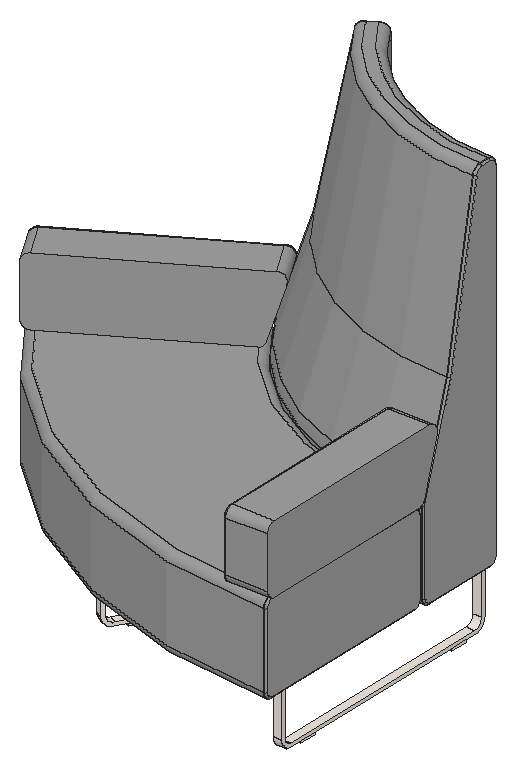
Revit family "Haworth_Riverbend_ConvexCurve60_EU_PRELIMINARY", category Furniture, Revit 2018 (continued)
Definition of nested family "Haworth_Riverbend_ConvexBench60_Small_Seat-PART"
  Forms (cm)
    Blend 1, solid, material <- "Seat Upholstery Finish"
      base sketch origin (80.9007, 149.1563, 0) x (0, 1, 0) y (0, 0, 1)
        loop
          line (-63.943, 20.955) -> (-63.943, 43.18)
          arc (-63.943, 43.18) -> (-64.501, 44.527) -> (-65.848, 45.085) r 1.905
          line (-65.848, 45.085) -> (-113.4936, 45.085)
      top sketch origin (80.9007, 149.1563, 0) x (0, 1, 0) y (0, 0, 1)
        loop
          arc (-113.3586, 45.72) -> (-115.1546, 44.9761) -> (-115.8986, 43.18) r 2.54
          line (-115.8986, 43.18) -> (-115.8986, 20.955)
          arc (-115.8986, 20.955) -> (-115.1546, 19.1589) -> (-113.3586, 18.415) r 2.54
          line (-113.3586, 18.415) -> (-65.848, 18.415)
          arc (-65.848, 18.415) -> (-64.052, 19.1589) -> (-63.308, 20.955) r 2.54
          line (-63.308, 20.955) -> (-63.308, 43.18)
          arc (-63.308, 43.18) -> (-64.052, 44.9761) -> (-65.848, 45.72) r 2.54
          line (-65.848, 45.72) -> (-113.3586, 45.72)
      from 0 to -0.635
    Revolve 2, solid, material <- "Seat Upholstery Finish"
      sketch origin (80.2657, 0, 0) x (0, -1, 0) y (0, 0, 1)
        loop
          arc (-83.3083, 45.72) -> (-85.1043, 44.9761) -> (-85.8483, 43.18) r 2.54
          line (-85.8483, 43.18) -> (-85.8483, 20.955)
          arc (-85.8483, 20.955) -> (-85.1043, 19.1589) -> (-83.3083, 18.415) r 2.54
          line (-83.3083, 18.415) -> (-35.7977, 18.415)
          arc (-35.7977, 18.415) -> (-34.0017, 19.1589) -> (-33.2577, 20.955) r 2.54
          line (-33.2577, 20.955) -> (-33.2577, 43.18)
          arc (-33.2577, 43.18) -> (-34.0017, 44.9761) -> (-35.7977, 45.72) r 2.54
          line (-35.7977, 45.72) -> (-83.3083, 45.72)
        axis (-178.6878, 45.72) -> (-178.6878, 18.415)
      angle from 0 to -60
    Blend 3, solid, material <- "Seat Upholstery Finish"
      base sketch origin (54.3731, 164.472, 0) x (0.866025, 0.5, 0) y (0, 0, -1)
        loop
          line (-113.4936, -45.085) -> (-65.848, -45.085)
          arc (-65.848, -45.085) -> (-64.501, -44.527) -> (-63.943, -43.18) r 1.905
          line (-63.943, -43.18) -> (-63.943, -20.955)
          arc (-63.943, -20.955) -> (-64.501, -19.608) -> (-65.848, -19.05) r 1.905
          line (-65.848, -19.05) -> (-113.4936, -19.05)
          arc (-113.4936, -19.05) -> (-114.8406, -19.608) -> (-115.3986, -20.955) r 1.905
          line (-115.3986, -20.955) -> (-115.3986, -43.18)
          arc (-115.3986, -43.18) -> (-114.8406, -44.527) -> (-113.4936, -45.085) r 1.905
      top sketch origin (54.3731, 164.472, 0) x (0.866025, 0.5, 0) y (0, 0, -1)
        loop
          line (-113.3586, -45.72) -> (-65.848, -45.72)
          arc (-65.848, -45.72) -> (-64.052, -44.9761) -> (-63.308, -43.18) r 2.54
          line (-63.308, -43.18) -> (-63.308, -20.955)
          arc (-63.308, -20.955) -> (-64.052, -19.1589) -> (-65.848, -18.415) r 2.54
          line (-65.848, -18.415) -> (-113.3586, -18.415)
          arc (-113.3586, -18.415) -> (-115.1546, -19.1589) -> (-115.8986, -20.955) r 2.54
          line (-115.8986, -20.955) -> (-115.8986, -43.18)
          arc (-115.8986, -43.18) -> (-115.1546, -44.9761) -> (-113.3586, -45.72) r 2.54
      from 0 to -0.635
  Lines and regions (cm)
    Masking region 1
      outline origin (0, 0, 45.72) x (1, 0, 0) y (0, 1, 0)
        loop
          line (80.9007, 33.2481) -> (80.9007, 85.2133)
          arc (80.9007, 85.2133) -> (33.946, 98.4598) -> (-1.0031, 132.5005) r 99.1296
          line (-1.0031, 132.5005) -> (-46.0063, 106.5179)
          arc (-46.0063, 106.5179) -> (7.946, 53.4265) -> (80.9007, 33.2481) r 150.7586
  Dimensions and locks (cm)
    locked: plane 2 "Top" to plane 3 "Top - Bottom of Chamfer Edge" at 0.635
    locked: plane 5 "Bottom - Top of Chamfer Edge" to plane 4 "Frame Bottom" at 0.635
    plane 2 "Top" to plane 4 "Frame Bottom" = 27.305 cm
    "Actual Height": plane 2 "Top" to plane 1 "Bottom"
    plane 2 "Top" to plane 1 "Bottom" = 45.72 cm
    "Actual Width": plane 25 to plane 26
    "Actual Depth": plane 12 to plane 27
    equal spacing: plane 12, plane 9, plane 27
    "Actual Depth": plane 16 to plane 13
  Automatic sketch dimensions
    Blend 1 sketch curve to plane 15 = 0 cm  (x4)
    Blend 1 sketch curve to plane 3 "Top - Bottom of Chamfer Edge" = 0 cm
    Blend 1 sketch curve to plane 5 "Bottom - Top of Chamfer Edge" = 0 cm
    plane 5 "Bottom - Top of Chamfer Edge" to Blend 1 sketch curve = 1.905 cm  (x3)
    plane 13 to Blend 1 sketch curve = 5.4095 cm
    plane 28 to Blend 1 sketch curve = 27.2234 cm  (x2)
    Blend 1 sketch curve to plane 4 "Frame Bottom" = 0 cm
    Blend 1 sketch curve to plane 2 "Top" = 0 cm
    plane 13 to Blend 1 sketch curve = 4.9095 cm
    Blend 1 sketch curve to Blend 1 sketch curve = 2.54 cm
    plane 11 to Masking region 1 sketch curve = 0 cm  (x2)
    Masking region 1 sketch curve to plane 10 "Right" = 0 cm
    plane 22 to Masking region 1 sketch curve = 0 cm  (x2)
    plane 16 to Masking region 1 sketch curve = 11.1522 cm
    Masking region 1 sketch curve to plane 17 = 5.0154 cm
    Masking region 1 sketch curve to plane 10 "Right" = 2.4246 cm
    Masking region 1 sketch curve to Masking region 1 sketch curve = 0.1855 cm
    Revolve 2 sketch curve to plane 19 "revolve_axis" = 0 cm
    plane 15 to Revolve 2 sketch curve = 0 cm  (x2)
    Revolve 2 sketch curve to plane 2 "Top" = 0 cm
    Revolve 2 sketch curve to plane 4 "Frame Bottom" = 0 cm
    plane 5 "Bottom - Top of Chamfer Edge" to Revolve 2 sketch curve = 1.905 cm
    Revolve 2 sketch curve to plane 17 = 25.685 cm
    plane 13 to Revolve 2 sketch curve = 7.4495 cm
    Revolve 2 sketch curve to Revolve 2 sketch curve = 2.54 cm
    plane 2 "Top" to Revolve 2 sketch curve = 12.7 cm
    Revolve 2 sketch curve to Revolve 2 sketch curve = 45.72 cm
    plane 15 to Blend 3 sketch curve = 0 cm  (x4)
    plane 3 "Top - Bottom of Chamfer Edge" to Blend 3 sketch curve = 0 cm
    plane 5 "Bottom - Top of Chamfer Edge" to Blend 3 sketch curve = 0 cm
    plane 5 "Bottom - Top of Chamfer Edge" to Blend 3 sketch curve = 1.905 cm  (x3)
    Blend 3 sketch curve to plane 32 = 5.4095 cm
    plane 20 to Blend 3 sketch curve = 28.86 cm  (x2)
    plane 4 "Frame Bottom" to Blend 3 sketch curve = 0 cm
    plane 2 "Top" to Blend 3 sketch curve = 0 cm
    Blend 3 sketch curve to plane 32 = 4.9095 cm
    Blend 3 sketch curve to Blend 3 sketch curve = 2.54 cm
Definition of nested family "Haworth_Riverbend_Arm-PART"
  Parameters (values of type "Arm - PART")
    Warranty = "http://www.haworth.com/resources/product-info/warranties"
    URL - Product = "http://www.haworth.com/products/seating/sofas/riverbend-pebble"
    Model = "Haworth - Riverbend"  # constant formula
    Description = "Haworth - Riverbend - Arm - PART"  # constant formula
    URL = "http://www.haworth.com"
    Size = "Verify Final Dim. w/ Haworth"  # constant formula
    Revision Number = "1"  # constant formula
    Manufacturer = "Haworth"  # constant formula
    Author = "Haworth (Abd Rahman)"  # constant formula
    Assembly Code = "E2020200"
    Arm Finish [instance] = none
    Actual Width = 13 cm
    Actual Height = 45.72 cm
    Actual Depth = 62.5 cm
    85D [instance] = yes
    79D [instance] = yes
  Reference planes (cm)
    plane 1 "Bottom": z = 0
    plane 2 "Center L/R": x = -49.53
    plane 3 "Left": x = -56.03
    plane 4 "Right": x = -43.03
    plane 5 "Top": z = 45.72
    plane 6 "Top - Bottom of Chamfer Edge": z = 45.085
    plane 7 "Frame Bottom": z = 18.415
    plane 8 "Bottom - Top of Chamfer Edge": z = 19.05
    plane 9 "Leg Bracket - Bottom": z = 17.78
    plane 10: y = 35.8515
    plane 11: y = -26.6485
    plane 12: y = 4.6015
  Forms (cm)
    Extrusion 1, solid, material <- "Arm Finish", visible <- "85D"
      sketch origin (-56.03, 0, 0) x (0, 1, 0) y (0, 0, -1)
        loop
          line (-24.1485, -65.9871) -> (33.3515, -65.9871)
          arc (33.3515, -65.9871) -> (35.3659, -64.9678) -> (35.7376, -62.7411) r 2.5
          line (35.7376, -62.7411) -> (30.855, -47.1232)
          arc (30.855, -47.1232) -> (30.1306, -46.1085) -> (28.9461, -45.72) r 2
          line (28.9461, -45.72) -> (-24.1485, -45.72)
          arc (-24.1485, -45.72) -> (-25.9162, -46.4522) -> (-26.6485, -48.22) r 2.5
          line (-26.6485, -48.22) -> (-26.6485, -63.4871)
          arc (-26.6485, -63.4871) -> (-25.9162, -65.2549) -> (-24.1485, -65.9871) r 2.5
      from -0.1761 to 0
    Extrusion 2, solid, material <- "Arm Finish", visible <- "85D"
      sketch origin (-43.03, 0, 0) x (0, 1, 0) y (0, 0, 1)
        loop
          arc (-24.1485, 65.9871) -> (-25.9162, 65.2549) -> (-26.6485, 63.4871) r 2.5
          line (-26.6485, 63.4871) -> (-26.6485, 48.22)
          arc (-26.6485, 48.22) -> (-25.9162, 46.4522) -> (-24.1485, 45.72) r 2.5
          line (-24.1485, 45.72) -> (28.9461, 45.72)
          arc (28.9461, 45.72) -> (30.1306, 46.1085) -> (30.855, 47.1232) r 2
          line (30.855, 47.1232) -> (35.7376, 62.7411)
          arc (35.7376, 62.7411) -> (35.3659, 64.9678) -> (33.3515, 65.9871) r 2.5
          line (33.3515, 65.9871) -> (-24.1485, 65.9871)
      from -12.8239 to -0.1664
    Extrusion 3, solid, material <- "Arm Finish", visible <- "79D"
      sketch origin (-43.03, 0, 0) x (0, 1, 0) y (0, 0, 1)
        loop
          arc (-24.1485, 65.9871) -> (-25.9162, 65.2549) -> (-26.6485, 63.4871) r 2.5
          line (-26.6485, 63.4871) -> (-26.6485, 48.22)
          arc (-26.6485, 48.22) -> (-25.9162, 46.4522) -> (-24.1485, 45.72) r 2.5
          line (-24.1485, 45.72) -> (23.9461, 45.72)
          arc (23.9461, 45.72) -> (25.1306, 46.1085) -> (25.855, 47.1232) r 2
          line (25.855, 47.1232) -> (30.7376, 62.7411)
          arc (30.7376, 62.7411) -> (30.3659, 64.9678) -> (28.3515, 65.9871) r 2.5
          line (28.3515, 65.9871) -> (-24.1485, 65.9871)
      from -0.1664 to 0
    Extrusion 4, solid, material <- "Arm Finish", visible <- "79D"
      sketch origin (-56.03, 0, 0) x (0, 1, 0) y (0, 0, -1)
        loop
          line (-24.1485, -65.9871) -> (28.3515, -65.9871)
          arc (28.3515, -65.9871) -> (30.3659, -64.9678) -> (30.7376, -62.7411) r 2.5
          line (30.7376, -62.7411) -> (25.855, -47.1232)
          arc (25.855, -47.1232) -> (25.1306, -46.1085) -> (23.9461, -45.72) r 2
          line (23.9461, -45.72) -> (-24.1485, -45.72)
          arc (-24.1485, -45.72) -> (-25.9162, -46.4522) -> (-26.6485, -48.22) r 2.5
          line (-26.6485, -48.22) -> (-26.6485, -63.4871)
          arc (-26.6485, -63.4871) -> (-25.9162, -65.2549) -> (-24.1485, -65.9871) r 2.5
      from -0.1761 to 0
    Extrusion 5, solid, material <- "Arm Finish", visible <- "79D"
      sketch origin (-43.03, 0, 0) x (0, 1, 0) y (0, 0, 1)
        loop
          arc (-24.1485, 65.9871) -> (-25.9162, 65.2549) -> (-26.6485, 63.4871) r 2.5
          line (-26.6485, 63.4871) -> (-26.6485, 48.22)
          arc (-26.6485, 48.22) -> (-25.9162, 46.4522) -> (-24.1485, 45.72) r 2.5
          line (-24.1485, 45.72) -> (23.9461, 45.72)
          arc (23.9461, 45.72) -> (25.1306, 46.1085) -> (25.855, 47.1232) r 2
          line (25.855, 47.1232) -> (30.7376, 62.7411)
          arc (30.7376, 62.7411) -> (30.3659, 64.9678) -> (28.3515, 65.9871) r 2.5
          line (28.3515, 65.9871) -> (-24.1485, 65.9871)
      from -12.8239 to -0.1664
    Extrusion 6, solid, material <- "Arm Finish", visible <- "79D"
      sketch origin (-43.03, 0, 0) x (0, 1, 0) y (0, 0, 1)
        loop
          arc (-24.1485, 65.9871) -> (-25.9162, 65.2549) -> (-26.6485, 63.4871) r 2.5
          line (-26.6485, 63.4871) -> (-26.6485, 48.22)
          arc (-26.6485, 48.22) -> (-25.9162, 46.4522) -> (-24.1485, 45.72) r 2.5
          line (-24.1485, 45.72) -> (23.9461, 45.72)
          arc (23.9461, 45.72) -> (25.1306, 46.1085) -> (25.855, 47.1232) r 2
          line (25.855, 47.1232) -> (30.7376, 62.7411)
          arc (30.7376, 62.7411) -> (30.3659, 64.9678) -> (28.3515, 65.9871) r 2.5
          line (28.3515, 65.9871) -> (-24.1485, 65.9871)
      from -0.1664 to 0
  Lines and regions (cm)
    Masking region 1, visible <- "85D"
      outline origin (0, 0, 45.72) x (-1, 0, 0) y (0, -1, 0)
        loop
          line (56.03, -35.8515) -> (56.03, 26.6485) -> (43.03, 26.6485) -> (43.03, -35.8515) -> (56.03, -35.8515)
    Masking region 2, visible <- "79D"
      outline origin (0, 0, 45.72) x (-1, 0, 0) y (0, -1, 0)
        loop
          line (56.03, -33.2376) -> (56.03, 26.6485) -> (43.03, 26.6485) -> (43.03, -33.2376) -> (56.03, -33.2376)
  Dimensions and locks (cm)
    "Actual Width": plane 3 "Left" to plane 4 "Right"
    equal spacing: plane 3 "Left", plane 2 "Center L/R", plane 4 "Right"
    locked: plane 5 "Top" to plane 6 "Top - Bottom of Chamfer Edge" at 0.635
    locked: plane 8 "Bottom - Top of Chamfer Edge" to plane 7 "Frame Bottom" at 0.635
    plane 5 "Top" to plane 7 "Frame Bottom" = 27.305 cm
    "Actual Height": plane 5 "Top" to plane 1 "Bottom"
    plane 5 "Top" to plane 1 "Bottom" = 45.72 cm
    equal spacing: plane 11, plane 12, plane 10
    "Actual Depth": plane 11 to plane 10
    aligned and locked: Extrusion 1 to Extrusion 2
    aligned and locked: plane 3 "Left" to Extrusion 1
    aligned and locked: plane 4 "Right" to Extrusion 3
    aligned and locked: Extrusion 2 to Extrusion 3
    aligned and locked: plane 11 to Extrusion 3
    aligned and locked: plane 11 to Extrusion 2
    aligned and locked: plane 11 to Extrusion 1
    aligned and locked: Extrusion 3 to plane 5 "Top"
    aligned and locked: Extrusion 2 to plane 5 "Top"
    aligned and locked: Extrusion 1 to plane 5 "Top"
    aligned and locked: Masking region 1 sketch curve to plane 4 "Right"
    aligned and locked: Masking region 1 sketch curve to plane 3 "Left"
    aligned and locked: plane 10 to Masking region 1 sketch curve
    aligned and locked: Masking region 1 sketch curve to plane 11
    aligned and locked: Extrusion 4 to Extrusion 5
    aligned and locked: Extrusion 5 to Extrusion 6
  Automatic sketch dimensions
    Extrusion 1 sketch curve to plane 11 = 0 cm
    Extrusion 1 sketch curve to plane 5 "Top" = 0 cm
    Extrusion 1 sketch curve to Extrusion 1 sketch curve = 2.5 cm
    Extrusion 1 sketch curve to plane 11 = 2.5 cm
    plane 10 to Extrusion 1 sketch curve = 6.9055 cm
    plane 5 "Top" to Extrusion 1 sketch curve = 1.4032 cm
    Extrusion 1 sketch curve to Extrusion 1 sketch curve = 1.9089 cm
    plane 10 to Extrusion 1 sketch curve = 2.5 cm
    plane 10 to Extrusion 1 sketch curve = 0.1139 cm
    Extrusion 1 sketch curve to Extrusion 1 sketch curve = 15.6179 cm
    Extrusion 1 sketch curve to Extrusion 1 sketch curve = 0.746 cm
    Extrusion 2 sketch curve to plane 11 = 0 cm
    Extrusion 2 sketch curve to plane 5 "Top" = 0 cm
    plane 5 "Top" to Extrusion 2 sketch curve = 2.5 cm
    Extrusion 2 sketch curve to plane 11 = 2.5 cm
    plane 10 to Extrusion 2 sketch curve = 6.9055 cm
    plane 5 "Top" to Extrusion 2 sketch curve = 1.4032 cm
    Extrusion 2 sketch curve to Extrusion 2 sketch curve = 1.9089 cm
    plane 10 to Extrusion 2 sketch curve = 2.5 cm
    plane 10 to Extrusion 2 sketch curve = 0.1139 cm
    Extrusion 2 sketch curve to Extrusion 2 sketch curve = 15.6179 cm
    Extrusion 2 sketch curve to Extrusion 2 sketch curve = 15.2671 cm
    Extrusion 3 sketch curve to plane 11 = 0 cm
    Extrusion 3 sketch curve to plane 5 "Top" = 0 cm
    plane 5 "Top" to Extrusion 3 sketch curve = 2.5 cm
    Extrusion 3 sketch curve to plane 11 = 2.5 cm
    plane 10 to Extrusion 3 sketch curve = 11.9055 cm
    plane 5 "Top" to Extrusion 3 sketch curve = 1.4032 cm
    Extrusion 3 sketch curve to Extrusion 3 sketch curve = 1.9089 cm
    plane 10 to Extrusion 3 sketch curve = 7.5 cm
    plane 10 to Extrusion 3 sketch curve = 5.1139 cm
    Extrusion 3 sketch curve to Extrusion 3 sketch curve = 15.6179 cm
    Extrusion 3 sketch curve to Extrusion 3 sketch curve = 15.2671 cm
    Extrusion 4 sketch curve to plane 11 = 0 cm
    Extrusion 4 sketch curve to plane 5 "Top" = 0 cm
    Extrusion 4 sketch curve to Extrusion 4 sketch curve = 2.5 cm
    Extrusion 4 sketch curve to plane 11 = 2.5 cm
    plane 10 to Extrusion 4 sketch curve = 11.9055 cm
    plane 5 "Top" to Extrusion 4 sketch curve = 1.4032 cm
    Extrusion 4 sketch curve to Extrusion 4 sketch curve = 1.9089 cm
    plane 10 to Extrusion 4 sketch curve = 7.5 cm
    plane 10 to Extrusion 4 sketch curve = 5.1139 cm
    Extrusion 4 sketch curve to Extrusion 4 sketch curve = 15.6179 cm
    Extrusion 4 sketch curve to Extrusion 4 sketch curve = 0.746 cm
    Extrusion 5 sketch curve to plane 11 = 0 cm
    Extrusion 5 sketch curve to plane 5 "Top" = 0 cm
    plane 5 "Top" to Extrusion 5 sketch curve = 2.5 cm
    Extrusion 5 sketch curve to plane 11 = 2.5 cm
    plane 10 to Extrusion 5 sketch curve = 11.9055 cm
    plane 5 "Top" to Extrusion 5 sketch curve = 1.4032 cm
    Extrusion 5 sketch curve to Extrusion 5 sketch curve = 1.9089 cm
    plane 10 to Extrusion 5 sketch curve = 7.5 cm
    plane 10 to Extrusion 5 sketch curve = 5.1139 cm
    Extrusion 5 sketch curve to Extrusion 5 sketch curve = 15.6179 cm
    Extrusion 5 sketch curve to Extrusion 5 sketch curve = 15.2671 cm
    Extrusion 6 sketch curve to plane 11 = 0 cm
    Extrusion 6 sketch curve to plane 5 "Top" = 0 cm
    plane 5 "Top" to Extrusion 6 sketch curve = 2.5 cm
    Extrusion 6 sketch curve to plane 11 = 2.5 cm
    plane 10 to Extrusion 6 sketch curve = 11.9055 cm
    plane 5 "Top" to Extrusion 6 sketch curve = 1.4032 cm
    Extrusion 6 sketch curve to Extrusion 6 sketch curve = 1.9089 cm
    plane 10 to Extrusion 6 sketch curve = 7.5 cm
    plane 10 to Extrusion 6 sketch curve = 5.1139 cm
    Extrusion 6 sketch curve to Extrusion 6 sketch curve = 15.6179 cm
    Extrusion 6 sketch curve to Extrusion 6 sketch curve = 15.2671 cm
    Masking region 2 sketch curve to plane 4 "Right" = 0 cm
    Masking region 2 sketch curve to plane 3 "Left" = 0 cm
    plane 11 to Masking region 2 sketch curve = 0 cm
    plane 10 to Masking region 2 sketch curve = 2.6139 cm
Types (4, lengths in cm): name | Width Straight Edge | Small | Mid Back | Large | High Back | Actual Depth
  126 x 93 x 148 - High Back | 93 | no | no | yes | yes | 93
  78 x 93 x 148 - Mid Back | 93 | no | yes | yes | no | 93
  126 x 87 x 148 - High Back | 87 | yes | no | no | yes | 87
  78 x 87 x 148 - Mid Back | 87 | yes | yes | no | no | 87
